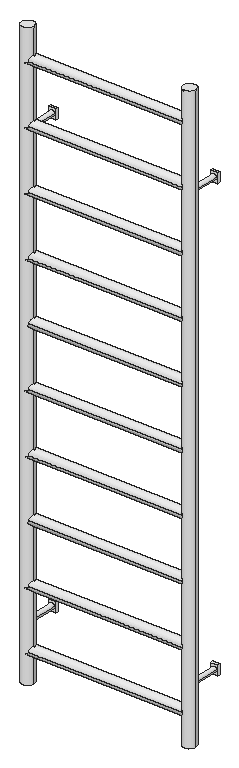
Revit family "Стенка шведская", category Оборудование, Revit 2017
Family settings
  Размер круглого соединителя = Использовать диаметр
  Тип детали = Нормальный
  На основе рабочей плоскости = Нет
  Всегда вертикально = Да
  При загрузке вырезать с полостями = Нет
  Общий = Нет
  Точка расчета площади = Нет
Parameters (values of type "Стенка шведская 710х2400мм")
  Примечание = ""
  Обозначение = ""
  Наименование = "Стенка шведская"
  Масса = ""
  Код оборудования = ""
  Keynote = ""
  Изготовитель = "Severin"
  Завод = ""
  Единицы = "шт."
  Длина = 710.0 mm
  Группа модели = "ТХ"  # constant formula
  Глубина = 160.0 mm
  Высота = 2400.0 mm
Types (2, lengths in mm): name | Наименование | Изготовитель | Длина | Глубина | Высота
  Мебель | "" | 0.0 | 0.0 | 0.0 | 0.0
  Стенка шведская 710х2400мм | "Стенка шведская" | "Severin" | 710.0 | 160.0 | 2400.0
Reference planes
  plane 1 "По центру (Вперед/Назад)": y = 0
  plane 2: z = 0
  plane 3 "По центру (Влево/Вправо)": x = 0
  plane 4: x = 330
  plane 5: x = -330
  plane 6: z = 200
  plane 7: z = 2000
  plane 8: y = -135
Forms (mm)
  Extrusion 1, solid, material "Алюминий 6061-O"
    sketch origin (-355, 0, 0) x (1, 0, 0) y (0, 0, 1)
      loop
        line (670, 200) -> (700, 200) -> (700, 240.009) -> (670, 240.009) -> (670, 200)
      loop
        line (10, 200) -> (40, 200) -> (40, 240.009) -> (10, 240.009) -> (10, 200)
      loop
        line (670, 2000) -> (700, 2000) -> (700, 2040.009) -> (670, 2040.009) -> (670, 2000)
      loop
        line (10, 2000) -> (40, 2000) -> (40, 2040.009) -> (10, 2040.009) -> (10, 2000)
    from 0 to 10
  Extrusion 2, solid, material "Алюминий 6061-O"
    sketch origin (-355, 0, 0) x (1, 0, 0) y (0, 0, 1)
      loop
        circle (25, 220) r 10
      loop
        circle (685, 220) r 10
      loop
        circle (25, 2020) r 10
      loop
        circle (685, 2020) r 10
    from 10 to 120
  Extrusion 3, solid, material "Алюминий 6061-O"
    sketch origin (-355, 0, 0) x (1, 0, 0) y (0, 1, 0)
      loop
        circle (25, -135) r 25
      loop
        circle (685, -135) r 25
    from 0 to 2400
  Extrusion 4, solid, material "Алюминий 6061-O"
    sketch origin (-1055, -1524, 571.719) x (0, 0, 1) y (0, -1, 0)
      loop
        circle (-451.719, -1389) r 20
      loop
        circle (-211.719, -1389) r 20
      loop
        circle (28.281, -1389) r 20
      loop
        circle (268.281, -1389) r 20
      loop
        circle (508.281, -1389) r 20
      loop
        circle (748.281, -1389) r 20
      loop
        circle (988.281, -1389) r 20
      loop
        circle (1228.281, -1389) r 20
      loop
        circle (1468.281, -1389) r 20
      loop
        circle (1708.281, -1389) r 20
    from 1385 to 725
Dimensions and locks
  aligned and locked: level to plane 2
